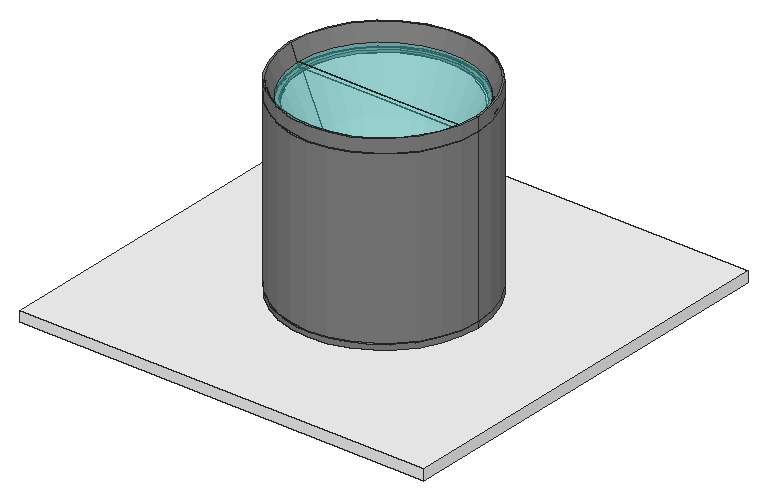
Revit family "BE_24420_de_DE", category Leuchten, Revit 2020
Family settings
  Basisbauteil = Fläche
  Bemaßung runder Anschluss = Durchmesser verwenden
  Teiletyp = Normal
  Beim Laden mit Abzugskörper schneiden = Ja
  Lichtquelle = Ja
  Gemeinsam genutzt = Nein
  Raumberechnungspunkt = Ja
Parameters (values of type "BEGA_24420_Grafit_K4")
  built-in parameter 1150104 = 13.471 (stored number, unit not read)
  Wattage = 17 W
  Default Elevation = 0 mm
  built-in parameter 1150113 = 1 (stored number, unit not read)
  built-in parameter 1114218 = 1 (stored number, unit not read)
  Umgebungstemperatur = "25 °C"
  URL = "https://www.bega.com/de/produkt/24420"
  Typenkommentare = "© 2022 BEGA. Wir behalten uns das Recht vor, technische Änderungen ohne vorherige Ankündigung vorzunehmen."  # constant formula
  Type Image = 24420.png
  built-in parameter 1150134 = 12
  built-in parameter 1150109 = 1 (stored number, unit not read)
  Strom = ""
  built-in parameter 1150110 = 1 (stored number, unit not read)
  Spannung = 239.996 V
  Sonderanfertigung = no
  Seriennummer [instance] = "Hier können Sie die eindeutige Seriennummer für das Facility Management eintragen."
  Schutzklasse = "I"
  Schutzart = "IP 65"
  Scheinlast = 0 VA
  Produktdatenblatt = "https://cdn.bega.com/bega/products/24420K3/current/documents/data-sheets/de"
  Oberflächentemperatur = ""
  Neigungswinkel = 0.00°
  Modell = "24420K4"
  Material_17 = BEGA_Reflektor
  Material_15 = BEGA_Leuchtmedium_matt
  Material_11 = BEGA_Glas_opal
  Material_09 = BEGA_Glas_klar
  Material_06 = BEGA_Oberfläche_Edelstahl_gebürstet
  Material_03 = BEGA_Oberfläche_Weiss_matt
  Material_02 = BEGA_Oberfläche_Silber_matt
  Material_01 [instance] = BEGA_Oberfläche_Grafit_matt
  M_W = no
  M_G = yes
  M_A = no
  Logo = 0
  built-in parameter 1114217 = 1 (stored number, unit not read)
  built-in parameter 1150139 = (empty or 0)
  built-in parameter 1150105 = 196.16 (stored number, unit not read)
  built-in parameter 1150114 = 1 (stored number, unit not read)
  Lumens = 2465 lm
  built-in parameter 1150115 = 1 (stored number, unit not read)
  Leuchtenlichtstrom = "2515 lm"
  Leuchtenanzahl = ""
  Lebensdauerkriterien = "L70B50 @ 25 °C = 200000 h"
  Lastklassifizierung = Beleuchtung
  built-in parameter 1150112 = 1 (stored number, unit not read)
  Lampenlichtstrom = "3180 lm"
  Lampe = "LED 17.2 W"
  LED_Modulbezeichnung = "LED-0785/840"
  Hersteller = "BEGA"  # constant formula
  Halbstreuwinkel = ""
  Gewicht = "2.9 kg"
  Gebrauchslageneinschränkung [instance] = ""
  Frequenz = "0/50-60 Hz"
  Farbwiedergabeindex = "CRI > 80"
  Farbtemperaturverschiebung bei Dämpfen der Lampe = <Keine Auswahl>
  Farbtemperatur = "4000 K"
  Color Filter = 16777215
  built-in parameter 1150133 = 10 (stored number, unit not read)
  Energieeffizienzklasse = "LED A++ - A"
  built-in parameter 1150137 = (empty or 0)
  built-in parameter 1150132 = (empty or 0)
  ENEC = "ja"
  Dimmbar [instance] = "DALI"
  Datei für fotometrisches Netz = "BE_24420K4.IES"
  CE_Konformität = "ja"
  Bestellnummer = "24420K4"
  Beschreibung_Sonderanfertigung = "Hier können Sie Informationen zur Sonderanfertigung eintragen."
  Beschreibung = "Deckenaufbau-Tiefstrahler"
  built-in parameter 1150106 = 1.9616 (stored number, unit not read)
  Befestigungsbohrung = "Ø 4,3 mm"
  Befestigungsabstand = "160 mm"
  Ballwurfsicher = ""
  BEGA_Intern_aus = yes
  BEGA_Intern_an = yes
  BEGA_Intern_Konstruktion = yes
  BEGA_Intern = yes
  BEGA_IES = yes
  BEGA_Dummy = no
  Anschlussleitung = ""
  Anschlussleistung [instance] = "18.8 W"
  Anschlusskasten = ""
  built-in parameter 1150107 = 4000 (stored number, unit not read)
  built-in parameter 1150102 = (empty or 0)
  built-in parameter 1150138 = (empty or 0)
  Aktualisierung = "2022-05-18T04:00:07"
  Abstand_zur_angestrahlten_Fläche [instance] = ""
  AC/DC = "AC/DC"
Types (4, lengths in mm): name | built-in parameter 1150104 | built-in parameter 1150134 | Modell | M_W | M_G | built-in parameter 1150105 | Lumens | Leuchtenlichtstrom | Lampenlichtstrom | LED_Modulbezeichnung | Farbtemperatur | Datei für fotometrisches Netz | Bestellnummer | built-in parameter 1150106 | built-in parameter 1150107
  BEGA_24420_Weiß_K3 | 13.192 (stored number, unit not read) | (empty or 0) | "24420WK3" | yes | no | 192.1 (stored number, unit not read) | 2414 lm | "2452 lm" | "3100 lm" | "LED-0785/830" | "3000 K" | "BE_24420K3.IES" | "24420WK3" | 1.921 (stored number, unit not read) | 3000 (stored number, unit not read)
  BEGA_24420_Grafit_K4 | 13.471 (stored number, unit not read) | 12 | "24420K4" | no | yes | 196.16 (stored number, unit not read) | 2465 lm | "2515 lm" | "3180 lm" | "LED-0785/840" | "4000 K" | "BE_24420K4.IES" | "24420K4" | 1.9616 (stored number, unit not read) | 4000 (stored number, unit not read)
  BEGA_24420_Grafit_K3 | 13.192 (stored number, unit not read) | (empty or 0) | "24420K3" | no | yes | 192.1 (stored number, unit not read) | 2414 lm | "2452 lm" | "3100 lm" | "LED-0785/830" | "3000 K" | "BE_24420K3.IES" | "24420K3" | 1.921 (stored number, unit not read) | 3000 (stored number, unit not read)
  BEGA_24420_Weiß_K4 | 13.471 (stored number, unit not read) | 12 | "24420WK4" | yes | no | 196.16 (stored number, unit not read) | 2465 lm | "2515 lm" | "3180 lm" | "LED-0785/840" | "4000 K" | "BE_24420K4.IES" | "24420WK4" | 1.9616 (stored number, unit not read) | 4000 (stored number, unit not read)
Reference planes
  plane 1 "Mitte (Vorne/Hinten)": y = 0
  plane 2: z = 0
  plane 3 "Mitte (Links/Rechts)": x = 0
  plane 4 "Links": x = -93.5
  plane 5 "Rechts": x = 93.5
  plane 6 "Unten": y = -93.5
  plane 7 "Oben": y = 93.5
  plane 8 "Vorne": z = 187.351
  plane 9 "Hinten": z = 0
Forms (mm)
  Extrusion 1, solid, material "BEGA_Platte_Weiss"
    sketch origin (0, -1119.2, 0) x (1, 0, 0) y (0, 1, 0)
      loop
        line (-200, 1319.2) -> (-200, 919.2) -> (200, 919.2) -> (200, 1319.2) -> (-200, 1319.2)
    from 0 to -10
  Extrusion 2, solid, material "BEGA_Dummy_matt", visible <- "BEGA_Dummy"
    sketch origin (77.149, -76.023, 0) x (1, 0, 0) y (0, 1, 0)
      loop
        circle (-77.149, 76.023) r 93.5
    from 0 to 187.351
Dimensions and locks
  plane 1 "Mitte (Vorne/Hinten)" to Extrusion 1 = 200 mm
  aligned and locked: plane 2 to Extrusion 1
  aligned and locked: level to Extrusion 1
Nested families
  nested 1: "BE_24420" at (0, 0, 0), type "BE_24420"
Connectors
  electrical at (0, 0, 0), driven by "Lastklassifizierung", driven by "Spannung", driven by "Scheinlast"
    settings: index 1, voltage 239.996 V, apparent load 0 VA, apparent load phase1 0 VA, apparent load phase2 0 VA, apparent load phase3 0 VA, power factor 1, load classification "Beleuchtung", number of poles 1, system type 31, power factor state 1, is connector primary yes, connector utility no, sub classification motor no, connector description ""
Definition of nested family "BE_24420"
  Parameters (values of type "BE_24420")
    Default Elevation = 1 mm
    URL = "http://www.bega.de/de/produkt"
    Type Comments = "© 2015 BEGA. Wir behalten uns das Recht vor, technische Änderungen ohne vorherige Ankündigung vorzunehmen. "  # constant formula
    Type Image = (empty or 0)
    Neigungswinkel_um_Z2 = 0.00°
    Neigungswinkel_um_Z1 = 0.00°
    Neigungswinkel_um_Y2 = 0.00°
    Neigungswinkel_um_Y1 = 0.00°
    Neigungswinkel_um_X2 = 0.00°
    Neigungswinkel_um_X1 = 0.00°
    Material_17 = none
    Material_15 = none
    Material_11 = none
    Material_09 = none
    Material_06 = none
    Material_03 = none
    Material_02 = none
    Material_01 = none
    M_W = yes
    M_G = yes
    M_A = yes
    Länge_Platte = 200 mm  # constant formula
    Höhe_Platte = -10 mm  # constant formula
    Manufacturer = "BEGA"  # constant formula
    Drehwinkel_um_Z2 = 0.00°
    Drehwinkel_um_Z1 = 0.00°
    Breite_Platte = 200 mm  # constant formula
  Reference planes
    plane 1 "Mitte (Oben/Unten)": y = 0
    plane 2: z = 0
    plane 3 "Mitte (Links/Rechts)": x = 0
    plane 4 "Hinten": z = -40
    plane 5: z = 187.4
    plane 6: x = -93.5
    plane 7: x = 93.5
    plane 8: y = 93.5
    plane 9: y = -93.5
  Forms (mm)
    Extrusion 1, solid, detail levels medium
      sketch origin (0, 0, 0) x (1, 0, 0) y (0, 1, 0)
        loop
          line (-100, 100) -> (-100, -100) -> (100, -100) -> (100, 100) -> (-100, 100)
      from 0 to -10 <- "Höhe_Platte"
    Revolve 2, solid, material <- "Material_09"
      sketch origin (0, 0, 0) x (1, 0, 0) y (0, 0, 1)
        loop
          line (-84.5, 173) -> (-84.5, 168.9) -> (0, 168.9) -> (0, 173) -> (-84.5, 173)
        axis (0, 168.9) -> (0, 173)
      angle from 0 to 360
    Revolve 3, solid, material <- "Material_17"
      sketch origin (0, 0, 0) x (1, 0, 0) y (0, 0, 1)
        loop
          line (-85, 164.6) -> (-81.237, 164.6)
          arc (-81.237, 164.6) -> (-61.141, 119.72) -> (-36.386, 77.232) r 461.8
          arc (-36.386, 77.232) -> (-35.852, 76.767) -> (-35.163, 76.6) r 1.5
          line (-35.163, 76.6) -> (-32, 76.6) -> (-32, 77.9)
          arc (-32, 77.9) -> (-32.146, 78.254) -> (-32.5, 78.4) r 0.5
          line (-32.5, 78.4) -> (-34.992, 78.4)
          arc (-34.992, 78.4) -> (-59.857, 121.192) -> (-79.999, 166.4) r 461.8
          line (-79.999, 166.4) -> (-84.937, 166.4) -> (-85, 164.6)
        axis (0, 166.4) -> (0, 76.6)
      angle from 0 to 360
    Revolve 4, solid, material <- "Material_01", visible <- "M_G"
      sketch origin (0, 0, 0) x (1, 0, 0) y (0, 0, 1)
        loop
          line (-93.5, 174.417) -> (-91.384, 174.194) -> (-89.5, 170.668) -> (-90.5, 170.091) -> (-90.5, 161.55) -> (-88.578, 160.9) -> (-87.309, 160.9) -> (-84.937, 166.4) -> (-81.087, 166.4) -> (-81.017, 168.4) -> (-84.965, 168.4) -> (-85, 169.4) -> (-92, 187.4) -> (-93.5, 187.4) -> (-93.5, 174.417)
        axis (0, 187.4) -> (0, 160.9)
      angle from 0 to 360
    Revolve 5, solid, material <- "Material_01", visible <- "M_G"
      sketch origin (0, 0, 0) x (1, 0, 0) y (0, 0, 1)
        loop
          line (-93.5, 173.4) -> (-93.5, 6) -> (-92.592, 6) -> (-91.5, 9) -> (-91.5, 25) -> (-83.5, 25) -> (-81.974, 68.7) -> (0, 68.7) -> (0, 73.7) -> (-80.682, 73.7) -> (-83.5, 154.398) -> (-91.5, 154.398) -> (-91.5, 170.4) -> (-92.592, 173.4) -> (-93.5, 173.4)
        axis (0, 173.4) -> (0, 6)
      angle from 0 to 360
    Revolve 6, solid, material <- "Material_01", visible <- "M_G"
      sketch origin (0, 0, 0) x (1, 0, 0) y (0, 0, 1)
        loop
          line (-83.843, 23) -> (-90.5, 23) -> (-90.5, 5.299) -> (-93.5, 4.983) -> (-93.5, 0) -> (-87.198, 0) -> (-86.5, 20) -> (-80, 20) -> (0, 20) -> (0, 23) -> (-83.843, 23)
        axis (0, 23) -> (0, 0)
      angle from 0 to 360
    Revolve 7, solid, material <- "Material_15"
      sketch origin (0, 0, 0) x (1, 0, 0) y (0, 0, 1)
        loop
          line (-25, 73.7) -> (0, 73.7) -> (0, 75.25) -> (-25, 75.25) -> (-25, 73.7)
        axis (0, 73.7) -> (0, 75.25)
      angle from 0 to 360
    Extrusion 8, solid, material <- "Material_01", visible <- "M_G"
      sketch origin (0, 0, 0) x (1, 0, 0) y (0, 1, 0)
        loop
          circle (0, -80) r 6.414
        loop
          circle (0, 80) r 6.414
        loop
          circle (0, 80) r 2.233
        loop
          circle (0, -80) r 2.233
      from 0 to 23
    Revolve 9, solid, material <- "Material_03", visible <- "M_W"
      sketch origin (0, 0, 0) x (1, 0, 0) y (0, 0, 1)
        loop
          line (-93.5, 174.417) -> (-91.384, 174.194) -> (-89.5, 170.668) -> (-90.5, 170.091) -> (-90.5, 161.55) -> (-88.578, 160.9) -> (-87.309, 160.9) -> (-84.937, 166.4) -> (-81.087, 166.4) -> (-81.017, 168.4) -> (-84.965, 168.4) -> (-85, 169.4) -> (-92, 187.4) -> (-93.5, 187.4) -> (-93.5, 174.417)
        axis (0, 187.4) -> (0, 160.9)
      angle from 0 to 360
    Revolve 10, solid, material <- "Material_03", visible <- "M_W"
      sketch origin (0, 0, 0) x (1, 0, 0) y (0, 0, 1)
        loop
          line (-93.5, 173.4) -> (-93.5, 6) -> (-92.592, 6) -> (-91.5, 9) -> (-91.5, 25) -> (-83.5, 25) -> (-81.974, 68.7) -> (0, 68.7) -> (0, 73.7) -> (-80.682, 73.7) -> (-83.5, 154.398) -> (-91.5, 154.398) -> (-91.5, 170.4) -> (-92.592, 173.4) -> (-93.5, 173.4)
        axis (0, 173.4) -> (0, 6)
      angle from 0 to 360
    Revolve 11, solid, material <- "Material_03", visible <- "M_W"
      sketch origin (0, 0, 0) x (1, 0, 0) y (0, 0, 1)
        loop
          line (-83.843, 23) -> (-90.5, 23) -> (-90.5, 5.299) -> (-93.5, 4.983) -> (-93.5, 0) -> (-87.198, 0) -> (-86.5, 20) -> (-80, 20) -> (0, 20) -> (0, 23) -> (-83.843, 23)
        axis (0, 23) -> (0, 0)
      angle from 0 to 360
    Extrusion 12, solid, material <- "Material_03", visible <- "M_W"
      sketch origin (0, 0, 0) x (1, 0, 0) y (0, 1, 0)
        loop
          circle (0, -80) r 6.414
        loop
          circle (0, 80) r 6.414
        loop
          circle (0, 80) r 2.233
        loop
          circle (0, -80) r 2.233
      from 0 to 23
    Extrusion 13, void
      sketch origin (0, 0, 0) x (1, 0, 0) y (0, 1, 0)
        loop
          circle (-65, -20) r 7.197
        loop
          circle (-65, 20) r 7.197
      from 0 to 28.487
  Cuts and joins
    Extrusion 13 cuts Revolve 6
    Extrusion 13 cuts Extrusion 8
    joined: Revolve 6, Extrusion 8
    Extrusion 13 cuts Revolve 11
    Extrusion 13 cuts Extrusion 12
    joined: Revolve 11, Extrusion 12
    Extrusion 13 cuts Revolve 2
    Extrusion 13 cuts Revolve 3
    Extrusion 13 cuts Revolve 5
    Extrusion 13 cuts Revolve 10
  Dimensions and locks
    equal spacing: Extrusion 1 sketch curve, plane 3 "Mitte (Links/Rechts)", Extrusion 1 sketch curve
    equal spacing: Extrusion 1 sketch curve, plane 1 "Mitte (Oben/Unten)", Extrusion 1 sketch curve
    "Länge_Platte": Extrusion 1 sketch curve to Extrusion 1 sketch curve
    "Breite_Platte": Extrusion 1 sketch curve to Extrusion 1 sketch curve
    aligned and locked: plane 2 to Extrusion 1
    aligned and locked: level to Extrusion 1
  Automatic sketch dimensions
    Revolve 2 sketch curve to plane 3 "Mitte (Links/Rechts)" = 0 mm  (x2)
    Revolve 2 sketch curve to Revolve 2 sketch curve = 84.5 mm
    Revolve 2 sketch curve to Revolve 2 sketch curve = 4.1 mm
    Revolve 2 sketch curve to Revolve 2 sketch curve = 7.629 mm
    Revolve 2 sketch curve to Revolve 2 sketch curve = 3.343 mm
    Revolve 3 sketch curve to plane 3 "Mitte (Links/Rechts)" = 0 mm
    Revolve 3 sketch curve to plane 3 "Mitte (Links/Rechts)" = 32 mm
    Revolve 3 sketch curve to Revolve 3 sketch curve = 0.5 mm
    Revolve 3 sketch curve to Revolve 3 sketch curve = 2.492 mm
    Revolve 3 sketch curve to Revolve 3 sketch curve = 0.171 mm
    Revolve 3 sketch curve to plane 3 "Mitte (Links/Rechts)" = 79.999 mm
    Revolve 3 sketch curve to Revolve 3 sketch curve = 1.238 mm
    Revolve 3 sketch curve to Revolve 3 sketch curve = 3.7 mm
    Revolve 3 sketch curve to Revolve 3 sketch curve = 0.063 mm
    level to Revolve 3 sketch curve = 78.4 mm
    Revolve 3 sketch curve to Revolve 3 sketch curve = 0.3 mm
    Revolve 3 sketch curve to Revolve 3 sketch curve = 1.3 mm
    plane 3 "Mitte (Links/Rechts)" to Revolve 3 sketch curve = 349.688 mm
    Revolve 3 sketch curve to Revolve 3 sketch curve = 1.603 mm
    Revolve 4 sketch curve to plane 3 "Mitte (Links/Rechts)" = 0 mm
    Revolve 4 sketch curve to plane 3 "Mitte (Links/Rechts)" = 81.017 mm
    Revolve 4 sketch curve to Revolve 4 sketch curve = 0.07 mm
    Revolve 4 sketch curve to Revolve 4 sketch curve = 3.85 mm
    Revolve 4 sketch curve to Revolve 4 sketch curve = 0.028 mm
    Revolve 4 sketch curve to Revolve 4 sketch curve = 0.035 mm
    Revolve 4 sketch curve to Revolve 4 sketch curve = 2.371 mm
    Revolve 4 sketch curve to Revolve 4 sketch curve = 1.27 mm
    Revolve 4 sketch curve to Revolve 4 sketch curve = 4.5 mm
    Revolve 4 sketch curve to Revolve 4 sketch curve = 1 mm  (x2)
    Revolve 4 sketch curve to Revolve 4 sketch curve = 1.884 mm
    Revolve 4 sketch curve to Revolve 4 sketch curve = 0.616 mm
    Revolve 4 sketch curve to Revolve 4 sketch curve = 2.116 mm
    Revolve 4 sketch curve to Revolve 4 sketch curve = 0.65 mm
    Revolve 4 sketch curve to Revolve 4 sketch curve = 0.222 mm
    Revolve 5 sketch curve to plane 3 "Mitte (Links/Rechts)" = 0 mm  (x2)
    Revolve 5 sketch curve to plane 3 "Mitte (Links/Rechts)" = 80.682 mm
    Revolve 5 sketch curve to Revolve 5 sketch curve = 1.292 mm
    Revolve 5 sketch curve to Revolve 5 sketch curve = 2.818 mm
    level to Revolve 5 sketch curve = 25 mm
    Revolve 5 sketch curve to Revolve 5 sketch curve = 1.526 mm
    Revolve 5 sketch curve to Revolve 5 sketch curve = 8 mm  (x2)
    Revolve 5 sketch curve to Revolve 5 sketch curve = 1.092 mm  (x2)
    level to Revolve 5 sketch curve = 6 mm
    Revolve 5 sketch curve to Revolve 5 sketch curve = 0.908 mm
    Revolve 5 sketch curve to Revolve 5 sketch curve = 3 mm  (x2)
    level to Revolve 5 sketch curve = 68.7 mm
    Revolve 5 sketch curve to Revolve 5 sketch curve = 5 mm
    Revolve 5 sketch curve to Revolve 5 sketch curve = 16.002 mm
    Revolve 5 sketch curve to Revolve 5 sketch curve = 40.698 mm
    Revolve 5 sketch curve to Revolve 5 sketch curve = 25 mm
    Revolve 7 sketch curve to plane 3 "Mitte (Links/Rechts)" = 0 mm  (x2)
    Revolve 7 sketch curve to Revolve 7 sketch curve = 25 mm
    Revolve 7 sketch curve to Revolve 7 sketch curve = 0 mm
    level to Revolve 7 sketch curve = 73.7 mm
    Revolve 7 sketch curve to Revolve 7 sketch curve = 1.55 mm
    Revolve 7 sketch curve to Revolve 7 sketch curve = 20 mm
    Revolve 7 sketch curve to Revolve 7 sketch curve = 5.439 mm
    Revolve 6 sketch curve to level = 0 mm
    Revolve 6 sketch curve to plane 3 "Mitte (Links/Rechts)" = 0 mm  (x2)
    level to Revolve 6 sketch curve = 23 mm
    Revolve 6 sketch curve to Revolve 6 sketch curve = 83.843 mm
    Revolve 6 sketch curve to Revolve 6 sketch curve = 2.657 mm
    Revolve 6 sketch curve to Revolve 6 sketch curve = 0.698 mm
    Revolve 6 sketch curve to Revolve 6 sketch curve = 4 mm
    Revolve 6 sketch curve to Revolve 6 sketch curve = 3 mm  (x2)
    Revolve 6 sketch curve to Revolve 6 sketch curve = 4.983 mm
    Revolve 6 sketch curve to Revolve 6 sketch curve = 0.315 mm
    Revolve 6 sketch curve to Revolve 6 sketch curve = 3.843 mm
    Revolve 6 sketch curve to Revolve 6 sketch curve = 17.175 mm
    Revolve 6 sketch curve to Revolve 6 sketch curve = 5 mm
    Revolve 9 sketch curve to plane 3 "Mitte (Links/Rechts)" = 0 mm
    Revolve 9 sketch curve to plane 3 "Mitte (Links/Rechts)" = 81.017 mm
    Revolve 9 sketch curve to Revolve 9 sketch curve = 0.07 mm
    Revolve 9 sketch curve to Revolve 9 sketch curve = 3.85 mm
    Revolve 9 sketch curve to Revolve 9 sketch curve = 0.028 mm
    Revolve 9 sketch curve to Revolve 9 sketch curve = 0.035 mm
    Revolve 9 sketch curve to Revolve 9 sketch curve = 2.371 mm
    Revolve 9 sketch curve to Revolve 9 sketch curve = 1.27 mm
    Revolve 9 sketch curve to Revolve 9 sketch curve = 4.5 mm
    Revolve 9 sketch curve to Revolve 9 sketch curve = 1 mm  (x2)
    Revolve 9 sketch curve to Revolve 9 sketch curve = 1.884 mm
    Revolve 9 sketch curve to Revolve 9 sketch curve = 0.616 mm
    Revolve 9 sketch curve to Revolve 9 sketch curve = 2.116 mm
    Revolve 9 sketch curve to Revolve 9 sketch curve = 0.65 mm
    Revolve 9 sketch curve to Revolve 9 sketch curve = 0.222 mm
    Revolve 10 sketch curve to plane 3 "Mitte (Links/Rechts)" = 0 mm  (x2)
    Revolve 10 sketch curve to plane 3 "Mitte (Links/Rechts)" = 80.682 mm
    Revolve 10 sketch curve to Revolve 10 sketch curve = 1.292 mm
    Revolve 10 sketch curve to Revolve 10 sketch curve = 2.818 mm
    level to Revolve 10 sketch curve = 25 mm
    Revolve 10 sketch curve to Revolve 10 sketch curve = 1.526 mm
    Revolve 10 sketch curve to Revolve 10 sketch curve = 8 mm  (x2)
    Revolve 10 sketch curve to Revolve 10 sketch curve = 1.092 mm  (x2)
    level to Revolve 10 sketch curve = 6 mm
    Revolve 10 sketch curve to Revolve 10 sketch curve = 0.908 mm
    Revolve 10 sketch curve to Revolve 10 sketch curve = 3 mm  (x2)
    level to Revolve 10 sketch curve = 68.7 mm
    Revolve 10 sketch curve to Revolve 10 sketch curve = 5 mm
    Revolve 10 sketch curve to Revolve 10 sketch curve = 16.002 mm
    Revolve 10 sketch curve to Revolve 10 sketch curve = 40.698 mm
    Revolve 10 sketch curve to Revolve 10 sketch curve = 25 mm
    Revolve 11 sketch curve to level = 0 mm
    Revolve 11 sketch curve to plane 3 "Mitte (Links/Rechts)" = 0 mm  (x2)
    level to Revolve 11 sketch curve = 20 mm
    Revolve 11 sketch curve to Revolve 11 sketch curve = 80 mm
    Revolve 11 sketch curve to Revolve 11 sketch curve = 3.843 mm
    Revolve 11 sketch curve to Revolve 11 sketch curve = 2.657 mm
    Revolve 11 sketch curve to Revolve 11 sketch curve = 0.698 mm
    Revolve 11 sketch curve to Revolve 11 sketch curve = 4 mm
    Revolve 11 sketch curve to Revolve 11 sketch curve = 3 mm  (x2)
    Revolve 11 sketch curve to Revolve 11 sketch curve = 4.983 mm
    Revolve 11 sketch curve to Revolve 11 sketch curve = 0.315 mm
    Revolve 11 sketch curve to Revolve 11 sketch curve = 17.175 mm
    Revolve 11 sketch curve to Revolve 11 sketch curve = 5 mm
    Extrusion 12 sketch curve to Extrusion 12 sketch curve = 0 mm  (x4)
    Extrusion 12 sketch curve to plane 3 "Mitte (Links/Rechts)" = 0 mm  (x2)
    plane 1 "Mitte (Oben/Unten)" to Extrusion 12 sketch curve = 80 mm
    Extrusion 12 sketch curve to plane 1 "Mitte (Oben/Unten)" = 80 mm
    level to Revolve 2 sketch curve = 168.9 mm
    Revolve 3 sketch curve to Revolve 3 sketch curve = 86.2 mm
    Revolve 3 sketch curve to Revolve 3 sketch curve = 1.8 mm
    Revolve 3 sketch curve to Revolve 3 sketch curve = 0.85 mm
    Revolve 3 sketch curve to Revolve 3 sketch curve = 66.193 mm
    Revolve 3 sketch curve to Revolve 3 sketch curve = 36.807 mm
    level to Revolve 4 sketch curve = 160.9 mm
    Revolve 4 sketch curve to Revolve 4 sketch curve = 5.5 mm
    Revolve 4 sketch curve to Revolve 4 sketch curve = 2 mm
    Revolve 4 sketch curve to Revolve 4 sketch curve = 0.691 mm
    Revolve 4 sketch curve to Revolve 4 sketch curve = 0.577 mm
    Revolve 4 sketch curve to Revolve 4 sketch curve = 3.526 mm
    Revolve 4 sketch curve to Revolve 4 sketch curve = 12.983 mm
    Revolve 4 sketch curve to Revolve 4 sketch curve = 4.6 mm
    Revolve 4 sketch curve to Revolve 4 sketch curve = 14.4 mm
    Revolve 5 sketch curve to Revolve 5 sketch curve = 80.698 mm
    level to Revolve 9 sketch curve = 160.9 mm
    Revolve 9 sketch curve to Revolve 9 sketch curve = 5.5 mm
    Revolve 9 sketch curve to Revolve 9 sketch curve = 2 mm
    Revolve 9 sketch curve to Revolve 9 sketch curve = 0.691 mm
    Revolve 9 sketch curve to Revolve 9 sketch curve = 0.577 mm
    Revolve 9 sketch curve to Revolve 9 sketch curve = 3.526 mm
    Revolve 9 sketch curve to Revolve 9 sketch curve = 12.983 mm
    Revolve 9 sketch curve to Revolve 9 sketch curve = 4.6 mm
    Revolve 9 sketch curve to Revolve 9 sketch curve = 14.4 mm
    Revolve 10 sketch curve to Revolve 10 sketch curve = 80.698 mm
    radius of Extrusion 12 sketch curve = 6.414 mm  (x2)
    radius of Extrusion 12 sketch curve = 2.233 mm  (x2)
